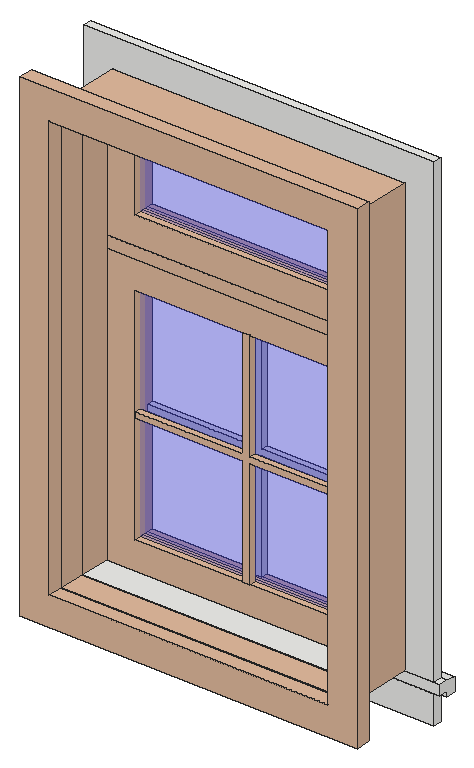
Revit family "M_Janela-batente-interior-exterior", category Janelas, Revit 2019
Family settings
  Hospedeiro = Parede
  Número OmniClass = 23.30.20.17.21.14
  Título OmniClass = Casement Windows
  Sempre na vertical = Sim
  Corte com vazios quando carregada = Não
  Compartilhado = Não
  Ponto de cálculo do ambiente = Não
Parameters (values of type "600 x 900mm")
  Janela aplicada [instance] = 0 mm
  Espessura da parede [instance] = 150 mm
  Visual Light Transmittance = 0.81
  Altura da travessa = 300 mm
  Resistência térmica (R) = 0.319569 (m²·K)/W
  Solar Heat Gain Coefficient = 0.76
  Largura bruta = Largura + 15 mm  # 615 mm
  Altura bruta = Altura + 15 mm  # 915 mm
  Altura da janela aberta = Altura - Altura da travessa  # 600 mm
  Visibilidade do montante = yes
  Padrão do montante = M_Padrão do montante_2x2 : M_Padrão do montante_2x2
  Fechamento da parede interior [instance] = 54.75 mm
  Visibilidade do recorte interior [instance] = yes
  Material da apara interior = Madeira – Manchada
  Recorte interior = M_Moldura-janela-interior-plana : Quadro
  Altura = 900 mm
  Material da moldura interior = Madeira – Manchada
  Coeficiente de transferência de calor (U) = 3.12929 W/(m²·K)
  Material do painel de vidro = Vidro
  Extensão do quadro [instance] = if(Visibilidade da apara externa, Janela aplicada + 6.35 mm, 6.35 mm)  # 6.35 mm
  Classificação de incêndio = "0.5h"
  Fechamento da parede externa [instance] = 31.75 mm
  Visibilidade da apara externa [instance] = yes
  Material da apara externa = Revestimento – Branco
  Apara externa = M_Recorte-Janela-Exterior-Plana : com peitoril
  Material da moldura exterior = Revestimento – Branco
  Visibilidade do umbral da extensão [instance] = and(Visibilidade do recorte interior, Espessura da parede - Janela aplicada > 95.25 mm)  # yes
  Umbral da extensão [instance] = if(Espessura da parede - Janela aplicada > 95.25 mm, Espessura da parede - Janela aplicada - 95.25 mm, 25.4 mm)  # 54.75 mm
  Altura-padrão do peitoril = 900 mm
  Fechamento da parede = Por hospedeiro
  Largura = 600 mm
  Código de montagem = "B2020100"
  Construção analítica = "Vidraça dupla – residencial"
Reference planes
  plane 1 "Centro (Frente/Trás)": y = 0
  plane 2: z = 0
  plane 3 "Centro (Esquerda/Direita)": x = 0
  plane 4 "Esquerda": x = -300
  plane 5 "Direita": x = 300
  plane 6 "Peitoril": z = 900
  plane 7 "Superior": z = 1800
  plane 8 "Inset Face": y = 75
  plane 9 "Fechamento da parede": y = -20.25
  plane 10 "Face do caixilho": y = 87.7
  plane 11 "Exterior": y = 75
  plane 12: x = 287.3
  plane 13: x = -287.3
  plane 14: z = 1787.3
  plane 15: z = 912.7
  plane 16: x = 230.15
  plane 17: x = -230.15
  plane 18: z = 1730.15
  plane 19: z = 969.85
  plane 20: y = 55.95
  plane 21 "Vidro": y = 65.475
  plane 22: y = 94.05
  plane 23: y = 94.05
  plane 24 "Interior": y = -75
  plane 25 "Umbral": y = -20.25
  plane 26: z = 1487.3
  plane 27 "Meio": z = 1200
  plane 28: z = 1512.7
  plane 29: z = 1350
  plane 30: z = 1430.15
  plane 31: y = -20.25
  plane 32: y = 43.25
  plane 33: z = 1500
  plane 34: y = 94.05
  plane 35: z = 1569.85
Forms (mm)
  Sweep 1, solid, material "Madeira – Manchada" <- "Material da moldura interior"
    path origin (0, 87.7, 0) x (-1, 0, 0) y (0, 0, 1)
      loop
        line (-300, 900) -> (300, 900) -> (300, 1800) -> (-300, 1800) -> (-300, 900)
    profile origin (300, 87.7, 1350) x (1, 0, 0) y (0, 1, 0)
      loop
        line (0, 6.35) -> (-12.7, 6.35) -> (-12.7, -107.95) -> (0, -107.95) -> (0, 6.35)
  Extrusion 2, solid, material "Madeira – Manchada" <- "Material da moldura interior", visible <- "Visibilidade do umbral da extensão"
    sketch origin (0, 0, 0) x (1, 0, 0) y (0, 0, 1)
      loop
        line (300, 1800) -> (-300, 1800) -> (-300, 900) -> (300, 900) -> (300, 1800)
      loop
        line (287.3, 912.7) -> (287.3, 1787.3) -> (-287.3, 1787.3) -> (-287.3, 912.7) -> (287.3, 912.7)
    from 20.25 to 75
  Sweep 3, solid, material "Madeira – Manchada" <- "Material da moldura interior"
    path origin (0, 87.7, 0) x (-1, 0, 0) y (0, 0, 1)
      loop
        line (-287.3, 1487.3) -> (-287.3, 912.7) -> (287.3, 912.7) -> (287.3, 1487.3) -> (-287.3, 1487.3)
    profile origin (287.3, 87.7, 1200) x (0, 1, 0) y (-1, 0, 0)
      loop
        line (0, 0) -> (0, 57.15) -> (-44.45, 57.15) -> (-44.45, 0) -> (0, 0)
  Extrusion 4, solid, material "Vidro" <- "Material do painel de vidro"
    sketch origin (0, 0, 900) x (0, -1, 0) y (1, 0, 0)
      loop
        line (-75, -230.15) -> (-68.65, -230.15) -> (-68.65, 230.15) -> (-75, 230.15) -> (-75, -230.15)
      loop
        line (-55.95, 230.15) -> (-62.3, 230.15) -> (-62.3, -230.15) -> (-55.95, -230.15) -> (-55.95, 230.15)
    from 69.85 to 530.15
  Extrusion 5, solid, material "Vidro" <- "Material do painel de vidro"
    sketch origin (0, 0, 900) x (0, -1, 0) y (1, 0, 0)
      loop
        line (-75, -230.15) -> (-68.65, -230.15) -> (-68.65, 230.15) -> (-75, 230.15) -> (-75, -230.15)
      loop
        line (-55.95, 230.15) -> (-62.3, 230.15) -> (-62.3, -230.15) -> (-55.95, -230.15) -> (-55.95, 230.15)
    from 669.85 to 830.15
  Extrusion 6, solid, material "Revestimento – Branco" <- "Material da moldura exterior"
    sketch origin (0, 0, 900) x (0, -1, 0) y (1, 0, 0)
      loop
        line (-94.05, -287.3) -> (-43.25, -287.3) -> (-43.25, 287.3) -> (-94.05, 287.3) -> (-94.05, -287.3)
    from 587.3 to 612.7
  Sweep 7, solid, material "Madeira – Manchada" <- "Material da moldura interior"
    path origin (-771.674, 87.7, 1219.2) x (-1, 0, 0) y (0, 0, 1)
      loop
        line (-1058.974, 293.5) -> (-484.374, 293.5) -> (-484.374, 568.1) -> (-1058.974, 568.1) -> (-1058.974, 293.5)
    profile origin (287.3, 87.7, 1650) x (1, 0, 0) y (0, 1, 0)
      loop
        line (0, 0) -> (-57.15, 0) -> (-57.15, -44.45) -> (0, -44.45) -> (0, 0)
Lines and regions (mm)
  Opening 1
    outline origin (-1524, -75, 0) x (1, 0, 0) y (0, 0, 1)
      loop
        line (1224, 1800) -> (1224, 900) -> (1824, 900) -> (1824, 1800) -> (1224, 1800)
  Split face 1
    outline origin (230.15, 87.7, 969.85) x (-1, 0, 0) y (0, -1, 0)
      loop
        line (460.3, 12.7) -> (0, 12.7)
  Split face 2
    outline origin (230.15, 87.7, 1430.15) x (0, 0, -1) y (0, -1, 0)
      loop
        line (0, 12.7) -> (460.3, 12.7)
  Split face 3
    outline origin (-230.15, 87.7, 969.85) x (0, 0, 1) y (0, -1, 0)
      loop
        line (460.3, 12.7) -> (0, 12.7)
  Split face 4
    outline origin (-230.15, 87.7, 1430.15) x (0, -1, 0) y (1, 0, 0)
      loop
        line (12.7, 0) -> (12.7, 460.3)
  Split face 5
    outline origin (0, 0, 1512.7) x (0, -1, 0) y (1, 0, 0)
      loop
        line (-55.95, 287.3) -> (-55.95, -287.3)
  Split face 6
    outline origin (0, 0, 1487.3) x (0, -1, 0) y (1, 0, 0)
      loop
        line (-87.7, -287.3) -> (-87.7, 287.3)
  Split face 7
    outline origin (287.3, -20.25, 912.7) x (0, 0, 1) y (0, 1, 0)
      loop
        line (874.6, 95.25) -> (600, 95.25) -> (600, 114.3) -> (574.6, 114.3) -> (574.6, 107.95) -> (0, 107.95)
  Split face 8
    outline origin (-287.3, -20.25, 1787.3) x (0, 0, -1) y (0, 1, 0)
      loop
        line (0, 95.25) -> (274.6, 95.25) -> (274.6, 114.3) -> (300, 114.3) -> (300, 95.25) -> (874.6, 95.25)
  Split face 9
    outline origin (-287.3, -20.25, 912.7) x (1, 0, 0) y (0, 1, 0)
      loop
        line (0, 63.5) -> (574.6, 63.5)
  Split face 10
    outline origin (287.3, -20.25, 1787.3) x (0, 1, 0) y (-1, 0, 0)
      loop
        line (63.5, 574.6) -> (63.5, 0)
  Split face 11
    outline origin (287.3, -20.25, 1787.3) x (0, 1, 0) y (-1, 0, 0)
      loop
        line (76.2, 574.6) -> (76.2, 0)
  Split face 12
    outline origin (-230.15, 43.25, 1730.15) x (0, 0, -1) y (0, 1, 0)
      loop
        line (160.3, 31.75) -> (0, 31.75)
  Split face 13
    outline origin (-230.15, 43.25, 1569.85) x (1, 0, 0) y (0, 1, 0)
      loop
        line (0, 31.75) -> (460.3, 31.75)
  Split face 14
    outline origin (230.15, 43.25, 1569.85) x (0, 0, 1) y (0, 1, 0)
      loop
        line (160.3, 31.75) -> (0, 31.75)
  Split face 15
    outline origin (230.15, 43.25, 1730.15) x (0, 1, 0) y (-1, 0, 0)
      loop
        line (31.75, 0) -> (31.75, 460.3)
  symbolic lines, style "Giro da elevação"
    curve 1: line (-287.3, 0, 1487.3) -> (287.3, 0, 1193.65)
    curve 2: line (287.3, 0, 1193.65) -> (-287.3, 0, 912.7)
Text (mm)
  text "EXTERIOR" at (-1490.695, 1293.036, 0), in view "Nível de referência"
  text "INTERIOR" at (-1490.695, -959.266, 0), in view "Nível de referência"
  text "Exterior" at (0, 1108.87, 3129.179), in view "Esquerda"
  text "Exterior" at (0, 464.664, 3176.206), in view "Direita"
Dimensions and locks
  equal spacing: plane 4 "Esquerda", plane 3 "Centro (Esquerda/Direita)", plane 5 "Direita"
  "Largura": plane 4 "Esquerda" to plane 5 "Direita"
  "Altura": plane 6 "Peitoril" to plane 7 "Superior"
  "Altura-padrão do peitoril": plane 2 to plane 6 "Peitoril"
  locked: plane 10 "Face do caixilho" to plane 8 "Inset Face" at 12.7
  "Espessura da parede": host wall to host wall
  "Janela aplicada": plane 11 "Exterior" to plane 8 "Inset Face"
  locked: Sweep 1 sketch curve to plane 5 "Direita" at 12.7
  locked: plane 12 to plane 5 "Direita" at 12.7
  locked: plane 4 "Esquerda" to plane 13 at 12.7
  locked: plane 14 to plane 7 "Superior" at 12.7
  locked: plane 6 "Peitoril" to plane 15 at 12.7
  locked: plane 16 to plane 12 at 57.15
  locked: plane 13 to plane 17 at 57.15
  locked: plane 18 to plane 14 at 57.15
  locked: plane 15 to plane 19 at 57.15
  plane 20 to Sweep 3 = 12.7 mm
  equal spacing: plane 8 "Inset Face", plane 21 "Vidro", plane 20
  locked: plane 8 "Inset Face" to plane 20 at 19.05
  locked: plane 22 to plane 11 "Exterior" at 19.05
  locked: plane 23 to plane 10 "Face do caixilho" at 6.35
  "Umbral da extensão": plane 25 "Umbral" to plane 24 "Interior"
  locked: plane 8 "Inset Face" to plane 9 "Fechamento da parede" at 95.25
  plane 26 to plane 28 = 25.4 mm
  equal spacing: plane 6 "Peitoril", plane 29, plane 7 "Superior"
  equal spacing: plane 19, plane 27 "Meio", plane 30
  locked: plane 30 to plane 26 at 57.15
  locked: Extrusion 6 sketch curve to plane 10 "Face do caixilho" at 6.35
  "Fechamento da parede interior": plane 31 to plane 24 "Interior"
  "Fechamento da parede externa": plane 11 "Exterior" to plane 32
  equal spacing: plane 26, plane 33, plane 28
  "Altura da travessa": plane 33 to plane 7 "Superior"
  "Extensão do quadro": plane 34 to plane 10 "Face do caixilho"
  locked: plane 10 "Face do caixilho" to Sweep 7 sketch curve at 44.45
  locked: plane 28 to plane 35 at 57.15
  aligned and locked: plane 7 "Superior" to Opening 1 sketch curve
  aligned and locked: plane 6 "Peitoril" to Opening 1 sketch curve  (x2)
  aligned and locked: plane 5 "Direita" to Opening 1 sketch curve
  aligned and locked: plane 4 "Esquerda" to Opening 1 sketch curve
  aligned and locked: level to plane 2
  aligned and locked: host wall to plane 11 "Exterior"
  aligned and locked: plane 5 "Direita" to Sweep 1 sketch curve
  aligned and locked: plane 7 "Superior" to Sweep 1 sketch curve
  aligned and locked: Sweep 1 sketch curve to plane 4 "Esquerda"
  aligned and locked: Sweep 1 sketch curve to plane 6 "Peitoril"
  aligned and locked: Extrusion 2 sketch curve to host wall  (x3)
  aligned and locked: plane 7 "Superior" to Extrusion 2 sketch curve
  aligned and locked: host wall to Extrusion 2
  aligned and locked: Sweep 3 sketch curve to plane 12  (x2)
  aligned and locked: Sweep 3 sketch curve to plane 15
  aligned and locked: plane 16 to Sweep 3 sketch curve
  aligned and locked: Split face 1 sketch curve to plane 8 "Inset Face"
  aligned and locked: plane 8 "Inset Face" to Split face 2 sketch curve
  aligned and locked: plane 8 "Inset Face" to Split face 3 sketch curve
  aligned and locked: Split face 4 sketch curve to plane 8 "Inset Face"
  aligned and locked: Extrusion 4 sketch curve to plane 8 "Inset Face"
  aligned and locked: plane 16 to Extrusion 4 sketch curve
  aligned and locked: Sweep 3 to Extrusion 4 sketch curve
  aligned and locked: Extrusion 4 sketch curve to plane 20
  aligned and locked: Extrusion 4 sketch curve to plane 16
  aligned and locked: Extrusion 4 sketch curve to Sweep 3
  aligned and locked: Extrusion 4 to plane 19
  aligned and locked: plane 21 "Vidro" to nested 1
  aligned and locked: plane 15 to curve 2
  aligned and locked: plane 24 "Interior" to host wall
  aligned and locked: plane 25 "Umbral" to Extrusion 2
  aligned and locked: plane 9 "Fechamento da parede" to Sweep 1
  aligned and locked: nested 2 to plane 4 "Esquerda"
  aligned and locked: plane 26 to Sweep 3 sketch curve
  aligned and locked: Extrusion 4 to Sweep 3
  aligned and locked: curve 1 to Sweep 3
  aligned and locked: plane 12 to curve 2
  aligned and locked: plane 30 to Sweep 3
  aligned and locked: Extrusion 4 to plane 30
  aligned and locked: plane 13 to Extrusion 6 sketch curve
  aligned and locked: plane 12 to Extrusion 6 sketch curve
  aligned and locked: plane 28 to Extrusion 6
  aligned and locked: Extrusion 6 to Sweep 3
  aligned and locked: plane 20 to Split face 5 sketch curve
  aligned and locked: plane 12 to Split face 5 sketch curve
  aligned and locked: plane 13 to Split face 5 sketch curve
  aligned and locked: Split face 6 sketch curve to plane 10 "Face do caixilho"
  aligned and locked: plane 12 to Split face 6 sketch curve
  aligned and locked: plane 13 to Split face 6 sketch curve
  aligned and locked: profile plane to Sweep 3 sketch curve
  aligned and locked: plane 13 to Sweep 3 sketch curve
  aligned and locked: Sweep 1 to curve 2
  aligned and locked: nested 1 to plane 19
  aligned and locked: plane 10 "Face do caixilho" to Split face 7 sketch curve
  aligned and locked: plane 8 "Inset Face" to Split face 7 sketch curve
  aligned and locked: plane 8 "Inset Face" to Split face 8 sketch curve  (x2)
  aligned and locked: plane 28 to Split face 8 sketch curve
  aligned and locked: plane 26 to Split face 8 sketch curve
  aligned and locked: Split face 9 sketch curve to Sweep 3
  aligned and locked: Split face 10 sketch curve to Sweep 3
  aligned and locked: Split face 11 sketch curve to plane 20
  aligned and locked: Split face 7 sketch curve to plane 26
  aligned and locked: plane 28 to Split face 7 sketch curve
  aligned and locked: Extrusion 5 sketch curve to plane 8 "Inset Face"
  aligned and locked: Extrusion 5 sketch curve to Extrusion 4  (x2)
  aligned and locked: plane 23 to Split face 7 sketch curve
  aligned and locked: plane 23 to Split face 8 sketch curve
  aligned and locked: plane 12 to Extrusion 2 sketch curve
  aligned and locked: Extrusion 2 sketch curve to plane 14
  aligned and locked: Extrusion 2 sketch curve to plane 13
  aligned and locked: plane 15 to Extrusion 2 sketch curve
  aligned and locked: plane 6 "Peitoril" to nested 2
  aligned and locked: nested 3 to plane 11 "Exterior"
  aligned and locked: nested 3 to plane 7 "Superior"
  aligned and locked: plane 11 "Exterior" to nested 2
  aligned and locked: plane 30 to nested 1
  aligned and locked: nested 1 to plane 16
  aligned and locked: nested 1 to plane 17
  aligned and locked: plane 7 "Superior" to nested 5
  aligned and locked: plane 3 "Centro (Esquerda/Direita)" to nested 5
  aligned and locked: plane 7 "Superior" to nested 4
  aligned and locked: nested 4 to plane 3 "Centro (Esquerda/Direita)"
  aligned and locked: plane 34 to Sweep 1 sketch curve
  aligned and locked: Sweep 1 to Sweep 7 sketch curve
  aligned and locked: Sweep 7 sketch curve to plane 14
  aligned and locked: plane 10 "Face do caixilho" to Sweep 7 sketch curve
  aligned and locked: Sweep 7 sketch curve to plane 12
  aligned and locked: plane 16 to Sweep 7 sketch curve
  aligned and locked: Extrusion 5 sketch curve to plane 17  (x2)
  aligned and locked: plane 16 to Extrusion 5 sketch curve  (x2)
  aligned and locked: Sweep 7 sketch curve to plane 13
  aligned and locked: plane 28 to Sweep 7 sketch curve
  aligned and locked: plane 18 to Extrusion 5
  aligned and locked: Extrusion 5 to plane 35
  aligned and locked: plane 8 "Inset Face" to Split face 12 sketch curve
  aligned and locked: Split face 13 sketch curve to plane 8 "Inset Face"
  aligned and locked: Split face 14 sketch curve to plane 8 "Inset Face"
  aligned and locked: plane 8 "Inset Face" to Split face 15 sketch curve
Automatic sketch dimensions
  Sweep 1 sketch curve to profile plane = 0 mm
  Sweep 3 sketch curve to plane 10 "Face do caixilho" = 44.45 mm
  Split face 1 sketch curve to Sweep 3 = 0 mm  (x2)
  Sweep 3 to Split face 2 sketch curve = 0 mm
  Split face 2 sketch curve to Sweep 3 = 0 mm
  Split face 3 sketch curve to Sweep 3 = 0 mm
  Sweep 3 to Split face 3 sketch curve = 0 mm
  Split face 4 sketch curve to Sweep 3 = 0 mm  (x2)
  plane 21 "Vidro" to Extrusion 4 sketch curve = 3.175 mm
  Extrusion 4 sketch curve to plane 21 "Vidro" = 3.175 mm
  curve 1 to plane 26 = 0 mm
  curve 2 to plane 27 "Meio" = 6.35 mm
  Sweep 1 sketch curve to plane 10 "Face do caixilho" = 107.95 mm
  Extrusion 6 sketch curve to plane 20 = 12.7 mm
  Split face 7 sketch curve to Sweep 1 = 0 mm
  Sweep 1 to Split face 7 sketch curve = 0 mm
  Sweep 1 to Split face 8 sketch curve = 0 mm
  Split face 8 sketch curve to Sweep 1 = 0 mm
  Split face 9 sketch curve to Sweep 1 = 0 mm  (x2)
  Split face 10 sketch curve to Sweep 1 = 0 mm  (x2)
  Split face 11 sketch curve to Sweep 1 = 0 mm  (x2)
  Extrusion 5 sketch curve to plane 20 = 0 mm
  Sweep 7 to Split face 12 sketch curve = 0 mm
  Split face 12 sketch curve to Sweep 7 = 0 mm
  Split face 13 sketch curve to Sweep 7 = 0 mm  (x2)
  Split face 14 sketch curve to Sweep 7 = 0 mm
  Sweep 7 to Split face 14 sketch curve = 0 mm
  Split face 15 sketch curve to Sweep 7 = 0 mm  (x2)
Nested families
  nested 1: "M_Padrão do montante_2x2" at (0, 65.475, 969.85) x (-1, 0, 0) z (0, 0, 1), type <- "Padrão do montante", Material externo <- "Material da moldura exterior", Material interior <- "Material da moldura interior", visible <- "Visibilidade do montante", type "M_Padrão do montante_2x2"
    with Largura 460.3 mm, Material interior Madeira – Manchada, Altura 460.3 mm, Material externo Revestimento – Branco
  nested 2: "M_Plano-batente-interior-exterior" at (0, 75, 900) x (-1, 0, 0) z (0, 0, 1), Largura <- "Largura", Janela aplicada <- "Janela aplicada", Altura <- "Altura da janela aberta", Espessura da parede <- "Espessura da parede", type "M_Plano-batente-interior-exterior"
    with Janela aplicada de 3D 0 mm, Janela aplicada 0 mm, Largura 600 mm, Espessura da parede 150 mm, Linha superior no, Linha à direita yes, RH yes, Linha à esquerda yes, LH yes, Altura 600 mm, Linha inferior yes
  nested 3: "M_Plana-fixa_simples" at (0, 75, 1500), Janela aplicada <- "Janela aplicada", Largura <- "Largura", Altura <- "Altura da travessa", Espessura da parede <- "Espessura da parede", type "M_Plana-fixa_simples"
    with Janela aplicada de 3D 0 mm, Janela aplicada 0 mm, Largura 600 mm, Espessura da parede 150 mm, Linha superior yes, Linha à direita yes, Linha à esquerda yes, Altura 300 mm, Linha inferior no
  nested 4: "M_Recorte-Janela-Exterior-Plana" at (0, 75, 1800) x (-1, 0, 0) z (0, 1, 0), visible <- "Visibilidade da apara externa", Material da apara <- "Material da apara externa", Largura da abertura <- "Largura", Altura da abertura <- "Altura", type <- "Apara externa", type "com peitoril"
    with Material da apara Revestimento – Branco, Largura da abertura 600 mm, Altura da abertura 900 mm
  nested 5: "M_Moldura-janela-interior-plana" at (0, -75, 1800) x (1, 0, 0) z (0, -1, 0), visible <- "Visibilidade do recorte interior", Material da apara <- "Material da apara interior", Largura da abertura <- "Largura", Altura da abertura <- "Altura", type <- "Recorte interior", type "Quadro"
    with Material da apara Madeira – Manchada, Largura da abertura 600 mm, Altura da abertura 900 mm
Definition of nested family "M_Padrão do montante_2x2"
  Parameters (values of type "M_Padrão do montante_2x2")
    Largura [instance] = 1200 mm
    Espessura = 12.7 mm
    Altura [instance] = 1200 mm
    Material interior [instance] = none
    Material externo [instance] = none
    Distância = 19.05 mm
  Reference planes
    plane 1 "Centro (Frente/Trás)": y = 0
    plane 2: z = 0
    plane 3 "Centro (Esquerda/Direita)": x = 0
    plane 4: z = 1200
    plane 5: x = -600
    plane 6: x = 600
    plane 7: z = 600
    plane 8: y = 9.525
    plane 9: y = 22.225
    plane 10: y = -9.525
    plane 11: y = -22.225
  Forms (mm)
    Extrusion 1, solid, material <- "Material interior", detail levels fine
      sketch origin (0, 0, 0) x (1, 0, 0) y (0, 0, 1)
        loop
          line (-600, 606.35) -> (-600, 593.65) -> (-6.35, 593.65) -> (-6.35, 0) -> (6.35, 0) -> (6.35, 593.65) -> (600, 593.65) -> (600, 606.35) -> (6.35, 606.35) -> (6.35, 1200) -> (-6.35, 1200) -> (-6.35, 606.35) -> (-600, 606.35)
      from 9.525 to 22.225
    Extrusion 2, solid, material <- "Material externo", detail levels fine
      sketch origin (0, 0, 0) x (1, 0, 0) y (0, 0, -1)
        loop
          line (-600, -606.35) -> (-6.35, -606.35) -> (-6.35, -1200) -> (6.35, -1200) -> (6.35, -606.35) -> (600, -606.35) -> (600, -593.65) -> (6.35, -593.65) -> (6.35, 0) -> (-6.35, 0) -> (-6.35, -593.65) -> (-600, -593.65) -> (-600, -606.35)
      from 9.525 to 22.225
  Lines and regions (mm)
    model lines, detail levels medium
      curve 1: line (0, 9.525, 1200) -> (0, 9.525, 0)
      curve 2: line (-600, -9.525, 600) -> (600, -9.525, 600)
      curve 3: line (-600, 9.525, 600) -> (600, 9.525, 600)
      curve 4: line (0, -9.525, 1200) -> (0, -9.525, 0)
  Dimensions and locks
    equal spacing: plane 6, plane 3 "Centro (Esquerda/Direita)", plane 5
    "Largura": plane 6 to plane 5
    "Altura": plane 4 to plane 2
    equal spacing: plane 4, plane 7, plane 2
    locked: plane 3 "Centro (Esquerda/Direita)" to Extrusion 1 sketch curve at 6.35  (x4)
    locked: Extrusion 1 sketch curve to plane 7 at 6.35  (x2)
    locked: plane 7 to Extrusion 1 sketch curve at 6.35  (x2)
    "Espessura": plane 9 to plane 8
    "Espessura": plane 10 to plane 11
    "Distância": plane 8 to plane 10
    equal spacing: plane 8, plane 1 "Centro (Frente/Trás)", plane 10
    aligned and locked: plane 2 to level
    aligned and locked: plane 4 to curve 1
    aligned and locked: plane 5 to curve 2
    aligned and locked: plane 2 to curve 1
    aligned and locked: plane 6 to curve 2
    aligned and locked: Extrusion 1 sketch curve to plane 4
    aligned and locked: Extrusion 1 sketch curve to plane 6
    aligned and locked: Extrusion 1 sketch curve to plane 5
    aligned and locked: Extrusion 1 sketch curve to level
    aligned and locked: Extrusion 1 to plane 11
    aligned and locked: plane 10 to Extrusion 1
    aligned and locked: Extrusion 2 to plane 5
    aligned and locked: plane 6 to Extrusion 2
    aligned and locked: Extrusion 2 to plane 8
    aligned and locked: plane 9 to Extrusion 2
    aligned and locked: Extrusion 2 to plane 2
    aligned and locked: plane 4 to Extrusion 2
    aligned and locked: plane 5 to curve 3
    aligned and locked: plane 6 to curve 3
    aligned and locked: plane 4 to curve 4
    aligned and locked: plane 2 to curve 4
    aligned and locked: plane 8 to curve 3
  Automatic sketch dimensions
    curve 2 to plane 7 = 0 mm
    Extrusion 2 sketch curve to plane 5 = 0 mm
    Extrusion 2 sketch curve to level = 0 mm
    Extrusion 2 sketch curve to plane 4 = 0 mm
    Extrusion 2 sketch curve to plane 6 = 0 mm
    Extrusion 2 sketch curve to plane 3 "Centro (Esquerda/Direita)" = 6.35 mm  (x2)
    plane 3 "Centro (Esquerda/Direita)" to Extrusion 2 sketch curve = 6.35 mm  (x2)
    plane 7 to Extrusion 2 sketch curve = 6.35 mm  (x2)
    Extrusion 2 sketch curve to plane 7 = 6.35 mm  (x2)
    curve 4 to plane 3 "Centro (Esquerda/Direita)" = 0 mm
    curve 4 to level = 0 mm
    curve 4 to plane 4 = 0 mm
    curve 3 to plane 6 = 0 mm
    curve 1 to plane 3 "Centro (Esquerda/Direita)" = 0 mm
    curve 3 to plane 5 = 0 mm
    curve 3 to plane 7 = 0 mm
Definition of nested family "M_Recorte-Janela-Exterior-Plana"
  Parameters (values of type "com peitoril")
    Largura da apara = 60 mm
    Espessura da apara_Quadro = 30 mm
    Espessura da apara_com peitoril = 19.05 mm
    Material da apara [instance] = none
    Espessura do peitoril = 30 mm
    Peitoril = yes
    Quadro = no
    Largura da abertura [instance] = 600 mm
    Altura da abertura [instance] = 900 mm
    Default Elevation = 1200 mm
  Types (2, lengths in mm): name | Peitoril | Quadro
    com peitoril | yes | no
    Quadro | no | yes
  Reference planes
    plane 1 "Centro (Frente/Trás)": y = 0
    plane 2: z = 0
    plane 3 "Centro (Esquerda/Direita)": x = 0
    plane 4: y = 60
    plane 5 "Esquerda": x = -300
    plane 6 "Direita": x = 300
    plane 7 "Inferior": y = -900
    plane 8: y = -930
    plane 9: y = -980.432
    plane 10: x = 360
    plane 11: x = -360
    plane 12: z = 19.05
    plane 13: z = 30
    plane 14: x = 372.7
    plane 15: x = -372.7
    plane 16: y = -920.432
    plane 17: y = -960
    plane 18: z = 12.7
    plane 19: y = -450
    plane 20: z = 38.1
  Forms (mm)
    Extrusion 1, solid
      sketch origin (0, 0, 0) x (1, 0, 0) y (0, 1, 0)
        loop
          line (-361.95, 57.15) -> (-361.95, -993.732) -> (361.95, -993.732) -> (361.95, 57.15) -> (-361.95, 57.15)
      from 0 to -304.8
    Extrusion 2, solid, material <- "Material da apara", visible <- "Peitoril"
      sketch origin (0, 0, 0) x (1, 0, 0) y (0, 1, 0)
        loop
          line (-360, -900) -> (-300, -900) -> (-300, 0) -> (300, 0) -> (300, -900) -> (360, -900) -> (360, 60) -> (-360, 60) -> (-360, -900)
      from 0 to 19.05
    Extrusion 3, solid, material <- "Material da apara", visible <- "Peitoril"
      sketch origin (0, 0, 0) x (0, 1, 0) y (0, 0, 1)
        loop
          line (-902.458, 38.1) -> (-930, 38.1) -> (-930, 19.05) -> (-920.432, 19.05) -> (-920.432, 0) -> (-900, 0) -> (-900, 19.05) -> (-902.458, 38.1)
      from -372.7 to 372.7
    Extrusion 4, solid, material <- "Material da apara", visible <- "Peitoril"
      sketch origin (0, 0, 0) x (1, 0, 0) y (0, 1, 0)
        loop
          line (-360, -920.432) -> (-360, -980.432) -> (360, -980.432) -> (360, -920.432) -> (-360, -920.432)
      from 0 to 19.05
    Extrusion 5, solid, material <- "Material da apara", visible <- "Quadro"
      sketch origin (0, 0, 0) x (1, 0, 0) y (0, 1, 0)
        loop
          line (-300, 0) -> (-300, -900) -> (300, -900) -> (300, 0) -> (-300, 0)
        loop
          line (-360, 60) -> (-360, -960) -> (360, -960) -> (360, 60) -> (-360, 60)
      from 0 to 30
  Dimensions and locks
    equal spacing: plane 5 "Esquerda", plane 3 "Centro (Esquerda/Direita)", plane 6 "Direita"
    "Largura da abertura": plane 5 "Esquerda" to plane 6 "Direita"
    "Altura da abertura": plane 7 "Inferior" to plane 1 "Centro (Frente/Trás)"
    "Espessura do peitoril": plane 7 "Inferior" to plane 8
    "Largura da apara": plane 11 to plane 5 "Esquerda"
    "Largura da apara": plane 6 "Direita" to plane 10
    "Largura da apara": plane 1 "Centro (Frente/Trás)" to plane 4
    locked: plane 15 to plane 11 at 12.7
    locked: plane 10 to plane 14 at 12.7
    locked: plane 16 to plane 8 at 9.568
    "Largura da apara": plane 9 to plane 16
    "Largura da apara": plane 17 to plane 7 "Inferior"
    locked: plane 18 to plane 2 at 12.7
    equal spacing: plane 7 "Inferior", plane 19, plane 1 "Centro (Frente/Trás)"
    locked: plane 20 to plane 12 at 19.05
    "Espessura da apara_com peitoril": plane 12 to plane 2
    "Espessura da apara_Quadro": plane 13 to plane 2
    aligned and locked: plane 2 to Extrusion 1
    aligned and locked: level to Extrusion 1
    aligned and locked: Extrusion 2 sketch curve to plane 5 "Esquerda"
    aligned and locked: Extrusion 2 sketch curve to plane 11
    aligned and locked: plane 7 "Inferior" to Extrusion 2 sketch curve  (x2)
    aligned and locked: plane 1 "Centro (Frente/Trás)" to Extrusion 2 sketch curve
    aligned and locked: plane 10 to Extrusion 2 sketch curve
    aligned and locked: Extrusion 2 sketch curve to plane 6 "Direita"
    aligned and locked: plane 12 to Extrusion 2
    aligned and locked: Extrusion 3 sketch curve to level
    aligned and locked: plane 7 "Inferior" to Extrusion 3 sketch curve
    aligned and locked: Extrusion 3 sketch curve to plane 8
    aligned and locked: plane 15 to Extrusion 3
    aligned and locked: Extrusion 3 to plane 14
    aligned and locked: plane 10 to Extrusion 4 sketch curve
    aligned and locked: Extrusion 4 sketch curve to plane 11
    aligned and locked: plane 16 to Extrusion 4 sketch curve
    aligned and locked: plane 9 to Extrusion 4 sketch curve
    aligned and locked: Extrusion 4 to Extrusion 2
    aligned and locked: Extrusion 2 sketch curve to plane 4
    aligned and locked: plane 1 "Centro (Frente/Trás)" to Extrusion 5 sketch curve
    aligned and locked: Extrusion 5 sketch curve to plane 4
    aligned and locked: Extrusion 5 sketch curve to plane 17
    aligned and locked: plane 7 "Inferior" to Extrusion 5 sketch curve
    aligned and locked: Extrusion 5 sketch curve to plane 6 "Direita"
    aligned and locked: plane 10 to Extrusion 5 sketch curve
    aligned and locked: Extrusion 5 sketch curve to plane 5 "Esquerda"
    aligned and locked: Extrusion 5 sketch curve to plane 11
    aligned and locked: plane 13 to Extrusion 5
    aligned and locked: plane 20 to Extrusion 3
  Automatic sketch dimensions
    Extrusion 1 sketch curve to Extrusion 1 sketch curve = 723.9 mm
    Extrusion 1 sketch curve to Extrusion 1 sketch curve = 1050.882 mm
    Extrusion 3 sketch curve to plane 16 = 0 mm
    Extrusion 3 sketch curve to plane 12 = 0 mm  (x2)
    Extrusion 3 sketch curve to plane 7 "Inferior" = 2.458 mm
    plane 13 to Extrusion 3 sketch curve = 8.1 mm
Definition of nested family "M_Moldura-janela-interior-plana"
  Parameters (values of type "com peitoril")
    Espessura da apara_Quadro = 30 mm
    Largura da apara = 60 mm
    Espessura da apara_com peitoril = 20 mm
    Material da apara [instance] = none
    Espessura do peitoril = 30 mm
    Peitoril = yes
    Quadro = no
    Largura da abertura [instance] = 600 mm
    Altura da abertura [instance] = 900 mm
    Default Elevation = 1200 mm
  Types (2, lengths in mm): name | Peitoril | Quadro
    com peitoril | yes | no
    Quadro | no | yes
  Reference planes
    plane 1 "Centro (Frente/Trás)": y = 0
    plane 2: z = 0
    plane 3 "Centro (Esquerda/Direita)": x = 0
    plane 4: y = 47.3
    plane 5 "Esquerda": x = -300
    plane 6 "Direita": x = 300
    plane 7 "Inferior": y = -900
    plane 8: y = -930
    plane 9: y = -980.432
    plane 10: x = 347.3
    plane 11: x = -347.3
    plane 12: z = 20
    plane 13: z = 30
    plane 14: x = 360
    plane 15: x = -360
    plane 16: y = -920.432
    plane 17: y = -947.3
    plane 18: z = 12.7
    plane 19: x = -287.3
    plane 20: y = -12.7
    plane 21: x = 287.3
    plane 22: y = -887.3
    plane 23: x = -334.6
    plane 24: x = 334.6
    plane 25: y = -450
  Forms (mm)
    Extrusion 1, solid
      sketch origin (0, 0, 0) x (1, 0, 0) y (0, 1, 0)
        loop
          line (-349.25, 44.45) -> (-349.25, -958.85) -> (349.25, -958.85) -> (349.25, 44.45) -> (-349.25, 44.45)
      from 0 to -304.8
    Extrusion 2, solid, material <- "Material da apara", visible <- "Peitoril"
      sketch origin (0, 0, 0) x (1, 0, 0) y (0, 1, 0)
        loop
          line (-334.6, -900) -> (-287.3, -900) -> (-287.3, 0) -> (287.3, 0) -> (287.3, -900) -> (334.6, -900) -> (334.6, 47.3) -> (-334.6, 47.3) -> (-334.6, -900)
      from 0 to 20
    Extrusion 3, solid, material <- "Material da apara", visible <- "Peitoril"
      sketch origin (0, 0, 0) x (0, 1, 0) y (0, 0, 1)
        loop
          line (-912.7, 39.05) -> (-920.432, 39.05) -> (-920.432, 0) -> (-900, 0) -> (-900, 26.35)
          arc (-900, 26.35) -> (-903.72, 35.33) -> (-912.7, 39.05) r 12.7
      from -347.3 to 347.3
    Extrusion 4, solid, material <- "Material da apara", visible <- "Peitoril"
      sketch origin (0, 0, 0) x (1, 0, 0) y (0, 1, 0)
        loop
          line (-334.6, -920.432) -> (-334.6, -980.432) -> (334.6, -980.432) -> (334.6, -920.432) -> (-334.6, -920.432)
      from 0 to 20
    Extrusion 5, solid, material <- "Material da apara", visible <- "Quadro"
      sketch origin (0, 0, 0) x (1, 0, 0) y (0, 1, 0)
        loop
          line (-287.3, -12.7) -> (-287.3, -887.3) -> (287.3, -887.3) -> (287.3, -12.7) -> (-287.3, -12.7)
        loop
          line (-347.3, 47.3) -> (-347.3, -947.3) -> (347.3, -947.3) -> (347.3, 47.3) -> (-347.3, 47.3)
      from 0 to 30
  Dimensions and locks
    equal spacing: plane 5 "Esquerda", plane 3 "Centro (Esquerda/Direita)", plane 6 "Direita"
    "Largura da abertura": plane 5 "Esquerda" to plane 6 "Direita"
    "Altura da abertura": plane 7 "Inferior" to plane 1 "Centro (Frente/Trás)"
    "Espessura do peitoril": plane 7 "Inferior" to plane 8
    "Largura da apara": plane 11 to plane 19
    "Largura da apara": plane 21 to plane 10
    "Largura da apara": plane 20 to plane 4
    "Espessura da apara_com peitoril": plane 12 to plane 2
    locked: plane 15 to plane 11 at 12.7
    locked: plane 10 to plane 14 at 12.7
    locked: plane 16 to plane 8 at 9.568
    "Largura da apara": plane 9 to plane 16
    "Largura da apara": plane 17 to plane 22
    plane 20 to plane 1 "Centro (Frente/Trás)" = 12.7 mm
    plane 5 "Esquerda" to plane 19 = 12.7 mm
    plane 21 to plane 6 "Direita" = 12.7 mm
    plane 22 to plane 7 "Inferior" = 12.7 mm
    locked: plane 11 to plane 23 at 12.7
    locked: plane 24 to plane 10 at 12.7
    equal spacing: plane 7 "Inferior", plane 25, plane 1 "Centro (Frente/Trás)"
    "Espessura da apara_Quadro": plane 13 to plane 2
    locked: Extrusion 3 to plane 12 at 19.05
    locked: plane 12 to Extrusion 3 sketch curve at 19.05
    radius of Extrusion 3 sketch curve = 12.7 mm
    aligned and locked: plane 2 to Extrusion 1
    aligned and locked: level to Extrusion 1
    aligned and locked: plane 7 "Inferior" to Extrusion 2 sketch curve  (x2)
    aligned and locked: plane 1 "Centro (Frente/Trás)" to Extrusion 2 sketch curve
    aligned and locked: plane 12 to Extrusion 2
    aligned and locked: Extrusion 3 sketch curve to level
    aligned and locked: plane 7 "Inferior" to Extrusion 3 sketch curve
    aligned and locked: plane 16 to Extrusion 4 sketch curve
    aligned and locked: plane 9 to Extrusion 4 sketch curve
    aligned and locked: Extrusion 2 sketch curve to plane 4
    aligned and locked: Extrusion 5 sketch curve to plane 4
    aligned and locked: Extrusion 5 sketch curve to plane 17
    aligned and locked: plane 10 to Extrusion 5 sketch curve
    aligned and locked: Extrusion 5 sketch curve to plane 11
    aligned and locked: plane 13 to Extrusion 5
    aligned and locked: Extrusion 5 sketch curve to plane 20
    aligned and locked: Extrusion 5 sketch curve to plane 19
    aligned and locked: Extrusion 5 sketch curve to plane 21
    aligned and locked: plane 22 to Extrusion 5 sketch curve
    aligned and locked: Extrusion 4 to plane 24
    aligned and locked: plane 11 to Extrusion 3
    aligned and locked: Extrusion 3 to plane 10
    aligned and locked: Extrusion 2 sketch curve to plane 21
    aligned and locked: Extrusion 2 sketch curve to plane 24
    aligned and locked: Extrusion 2 sketch curve to plane 19
    aligned and locked: Extrusion 2 sketch curve to plane 23
    aligned and locked: plane 12 to Extrusion 4
  Automatic sketch dimensions
    Extrusion 1 sketch curve to Extrusion 1 sketch curve = 698.5 mm
    Extrusion 1 sketch curve to Extrusion 1 sketch curve = 1003.3 mm
    Extrusion 3 sketch curve to plane 16 = 0 mm
    Extrusion 4 sketch curve to plane 11 = 12.7 mm
    Extrusion 4 sketch curve to plane 24 = 0 mm
Definition of nested family "M_Plano-batente-interior-exterior"
  Parameters (values of type "M_Plano-batente-interior-exterior")
    Janela aplicada [instance] = 25 mm
    Janela aplicada de 3D [instance] = if(Janela aplicada - 12.7 mm < 0 mm, 0 mm, if(Janela aplicada - 12.7 mm < Espessura da parede - 88.9 mm, Janela aplicada - 12.7 mm, Espessura da parede - 88.9 mm))  # 12.3 mm
    Width [instance] = 1200 mm
    Espessura da parede [instance] = 150 mm
    Linha superior [instance] = yes
    Linha à direita [instance] = yes
    RH [instance] = yes
    Linha à esquerda [instance] = yes
    LH [instance] = yes
    Height [instance] = 900 mm
    Default Elevation = 1200 mm
    Linha inferior [instance] = yes
    Analytic Construction = "<Nenhum>"
  Reference planes
    plane 1 "Centro (Frente/Trás)": y = 0
    plane 2: z = 0
    plane 3 "Centro (Esquerda/Direita)": x = 0
    plane 4: x = -600
    plane 5: x = 600
    plane 6 "Umbral": y = -101.2
    plane 7: x = -587.3
    plane 8: x = -568.25
    plane 9: y = -12.3
    plane 10: y = -56.75
    plane 11: y = -34.525
    plane 12: x = -530.15
    plane 13: x = 587.3
    plane 14: x = 568.25
    plane 15: x = 530.15
    plane 16 "Janela aplicada": y = -25
    plane 17 "Parede": y = -150
    plane 18: z = 900
    plane 19: z = 887.3
    plane 20: z = 12.7
    plane 21: z = 868.25
    plane 22: z = 31.75
    plane 23: z = 830.15
    plane 24: z = 69.85
  Lines and regions (mm)
    Masking region 1
      outline origin (0, 19.05, 0) x (1, 0, 0) y (0, 1, 0)
        loop
          line (-600, -19.05) -> (-600, -169.05) -> (600, -169.05) -> (600, -19.05) -> (-600, -19.05)
    Masking region 2
      outline origin (0, 0, 0) x (0, 1, 0) y (0, 0, 1)
        loop
          line (0, 900) -> (-150, 900) -> (-150, 0) -> (0, 0) -> (0, 900)
    symbolic lines
      curve 1: line (-587.3, -56.75, 0) -> (-568.25, -56.75, 0)
      curve 2: line (-568.25, -56.75, 0) -> (-568.25, -101.2, 0)
      curve 3: line (-587.3, -12.3, 0) -> (-587.3, -56.75, 0)
      curve 4: line (-530.15, -12.3, 0) -> (-530.15, -56.75, 0)
      curve 5: line (-530.15, -56.75, 0) -> (-568.25, -56.75, 0)
      curve 6: line (-530.15, -34.525, 0) -> (530.15, -34.525, 0)
      curve 7: line (587.3, -56.75, 0) -> (568.25, -56.75, 0)
      curve 8: line (568.25, -56.75, 0) -> (568.25, -101.2, 0)
      curve 9: line (587.3, -12.3, 0) -> (587.3, -56.75, 0)
      curve 10: line (530.15, -12.3, 0) -> (530.15, -56.75, 0)
      curve 11: line (530.15, -56.75, 0) -> (568.25, -56.75, 0)
      curve 14: line (-600, -101.2, 0) -> (-568.25, -101.2, 0)
      curve 15: line (568.25, -101.2, 0) -> (600, -101.2, 0)
      curve 16: line (568.25, -101.2, 0) -> (-568.25, -101.2, 0)
      curve 17: line (0, -12.3, 887.3) -> (0, -56.75, 887.3)
      curve 18: line (0, -56.75, 868.25) -> (0, -101.2, 868.25)
      curve 19: line (0, -12.3, 12.7) -> (0, -56.75, 12.7)
      curve 20: line (0, -56.75, 12.7) -> (0, -56.75, 69.85)
      curve 21: line (0, -56.75, 31.75) -> (0, -101.2, 31.75)
      curve 22: line (0, -12.3, 900) -> (0, -12.3, 830.15)
      curve 23: line (0, -12.3, 830.15) -> (0, -56.75, 830.15)
      curve 24: line (0, -56.75, 69.85) -> (0, -12.3, 69.85)
      curve 25: line (0, -34.525, 69.85) -> (0, -34.525, 830.15)
      curve 28: line (0, -56.75, 887.3) -> (0, -56.75, 830.15)
      curve 29: line (530.15, -12.3, 0) -> (600, -12.3, 0)
      curve 30: line (-530.15, -12.3, 0) -> (-600, -12.3, 0)
      curve 31: line (0, -12.3, 69.85) -> (0, -12.3, 0)
      curve 36: line (-530.15, -12.3, 0) -> (530.15, -12.3, 0)
      curve 37: line (0, -12.3, 830.15) -> (0, -12.3, 69.85)
      curve 42: line (0, -101.2, 900) -> (0, -101.2, 868.25)
      curve 43: line (0, -101.2, 868.25) -> (0, -101.2, 31.75)
      curve 44: line (0, -101.2, 31.75) -> (0, -101.2, 0)
    symbolic lines, visible <- "RH"
      curve 12: arc (-587.3, -12.3, 0) -> (-497.889, 437.2, 0) -> (-243.268, 818.268, 0) r 1174.6
      curve 26: line (587.3, -12.3, 0) -> (-243.268, 818.268, 0)
      curve 34: line (587.3, -56.75, 0) -> (-243.268, -887.318, 0)
      curve 35: arc (-587.3, -56.75, 0) -> (-497.889, -506.25, 0) -> (-243.268, -887.318, 0) r 1174.6
    symbolic lines, visible <- "LH"
      curve 13: line (-587.3, -12.3, 0) -> (243.268, 818.268, 0)
      curve 27: arc (587.3, -12.3, 0) -> (497.889, 437.2, 0) -> (243.268, 818.268, 0) r 1174.6
      curve 32: line (-587.3, -56.75, 0) -> (243.268, -887.318, 0)
      curve 33: arc (587.3, -56.75, 0) -> (497.889, -506.25, 0) -> (243.268, -887.318, 0) r 1174.6
    symbolic lines, visible <- "Linha à direita"
      curve 38: line (600, 0, 0) -> (600, -150, 0)
    symbolic lines, visible <- "Linha à esquerda"
      curve 39: line (-600, 0, 0) -> (-600, -150, 0)
    symbolic lines, visible <- "Linha inferior"
      curve 40: line (0, 0, 0) -> (0, -150, 0)
    symbolic lines, visible <- "Linha superior"
      curve 41: line (0, 0, 900) -> (0, -150, 900)
  Dimensions and locks
    "Width": plane 4 to plane 5
    equal spacing: plane 4, plane 3 "Centro (Esquerda/Direita)", plane 5
    plane 4 to plane 7 to plane 8 = 12.7 mm locked, 19.05 mm locked
    equal spacing: plane 9, plane 11, plane 10
    locked: plane 7 to plane 12 at 57.15
    plane 5 to plane 13 to plane 14 = 12.7 mm locked, 19.05 mm locked
    locked: plane 13 to plane 15 at 57.15
    locked: plane 9 to plane 16 "Janela aplicada" at 12.7
    locked: plane 9 to plane 10 at 44.45
    "Espessura da parede": plane 17 "Parede" to plane 1 "Centro (Frente/Trás)"
    "Height": plane 18 to plane 2
    locked: plane 18 to plane 19 at 12.7
    locked: plane 20 to plane 2 at 12.7
    locked: plane 19 to plane 21 at 19.05
    locked: plane 22 to plane 20 at 19.05
    locked: plane 19 to plane 23 at 57.15
    locked: plane 24 to plane 20 at 57.15
    locked: plane 10 to plane 6 "Umbral" at 44.45
    "Janela aplicada de 3D": plane 9 to plane 1 "Centro (Frente/Trás)"
    locked: plane 9 to curve 13 (angle 45.00°)
    locked: curve 26 to plane 16 "Janela aplicada" (angle 45.00°)
    locked: curve 32 to plane 10 (angle 45.00°)
    locked: plane 10 to curve 34 (angle 45.00°)
    aligned and locked: plane 2 to level
    aligned and locked: curve 2 to plane 8
    aligned and locked: plane 14 to curve 8
    aligned and locked: curve 14 to plane 6 "Umbral"
    aligned and locked: curve 15 to plane 6 "Umbral"
    aligned and locked: plane 21 to curve 18
    aligned and locked: plane 19 to curve 17
    aligned and locked: plane 22 to curve 21
    aligned and locked: plane 10 to curve 20  (x2)
    aligned and locked: plane 20 to curve 19
    aligned and locked: curve 22 to plane 9
    aligned and locked: plane 23 to curve 23
    aligned and locked: curve 24 to plane 24
    aligned and locked: plane 11 to curve 25
    aligned and locked: plane 13 to curve 27
    aligned and locked: plane 9 to curve 13
    aligned and locked: plane 9 to curve 26
    aligned and locked: plane 5 to curve 29
    aligned and locked: plane 18 to curve 22
    aligned and locked: plane 9 to curve 17
    aligned and locked: plane 9 to curve 19
    aligned and locked: plane 9 to curve 3
    aligned and locked: plane 9 to curve 9
    aligned and locked: curve 28 to plane 10
    aligned and locked: plane 19 to curve 28
    aligned and locked: plane 23 to curve 28
    aligned and locked: plane 4 to curve 30
    aligned and locked: plane 9 to curve 31
    aligned and locked: plane 24 to curve 31
    aligned and locked: plane 2 to curve 31
    aligned and locked: plane 7 to curve 32
    aligned and locked: plane 10 to curve 3
    aligned and locked: plane 10 to curve 34
    aligned and locked: plane 13 to curve 34
    aligned and locked: curve 36 to plane 9
    aligned and locked: plane 12 to curve 36
    aligned and locked: plane 15 to curve 36
    aligned and locked: plane 17 "Parede" to curve 39
    aligned and locked: plane 1 "Centro (Frente/Trás)" to curve 39
    aligned and locked: curve 39 to plane 4
    aligned and locked: plane 17 "Parede" to curve 38
    aligned and locked: plane 1 "Centro (Frente/Trás)" to curve 38
    aligned and locked: curve 38 to plane 5
    aligned and locked: plane 17 "Parede" to curve 40
    aligned and locked: plane 1 "Centro (Frente/Trás)" to curve 40
    aligned and locked: plane 17 "Parede" to curve 41
    aligned and locked: plane 1 "Centro (Frente/Trás)" to curve 41
    aligned and locked: curve 40 to plane 2
    aligned and locked: curve 41 to plane 18
    aligned and locked: plane 1 "Centro (Frente/Trás)" to Masking region 1 sketch curve
    aligned and locked: plane 17 "Parede" to Masking region 1 sketch curve
    aligned and locked: Masking region 1 sketch curve to plane 5
    aligned and locked: plane 4 to Masking region 1 sketch curve
    aligned and locked: Masking region 2 sketch curve to plane 18
    aligned and locked: plane 2 to Masking region 2 sketch curve
    aligned and locked: plane 1 "Centro (Frente/Trás)" to Masking region 2 sketch curve
    aligned and locked: plane 17 "Parede" to Masking region 2 sketch curve
    aligned and locked: plane 6 "Umbral" to curve 42
    aligned and locked: plane 21 to curve 43
    aligned and locked: plane 6 "Umbral" to curve 43
    aligned and locked: plane 22 to curve 44
    aligned and locked: plane 6 "Umbral" to curve 44
  Automatic sketch dimensions
    curve 33 to plane 7 = 0 mm
    curve 27 to plane 7 = 0 mm
    curve 35 to plane 13 = 0 mm
    curve 12 to plane 13 = 0 mm
    curve 6 to plane 11 = 0 mm
Definition of nested family "M_Plana-fixa_simples"
  Parameters (values of type "M_Plana-fixa_simples")
    Janela aplicada [instance] = 50.8 mm
    Janela aplicada de 3D [instance] = if(Janela aplicada - 12.7 mm < 0 mm, 0 mm, if(Janela aplicada - 12.7 mm < Espessura da parede - 88.9 mm, Janela aplicada - 12.7 mm, Espessura da parede - 88.9 mm))  # 38.1 mm
    Width [instance] = 1200 mm
    Espessura da parede [instance] = 150 mm
    Linha superior [instance] = yes
    Linha à direita [instance] = yes
    Linha à esquerda [instance] = yes
    Height [instance] = 900 mm
    Default Elevation = 1200 mm
    Linha inferior [instance] = yes
    Analytic Construction = "<Nenhum>"
  Reference planes
    plane 1 "Centro (Frente/Trás)": y = 0
    plane 2: z = 0
    plane 3 "Centro (Esquerda/Direita)": x = 0
    plane 4: x = -600
    plane 5: x = 600
    plane 6 "Umbral": y = -127
    plane 7: x = -587.3
    plane 8: y = -38.1
    plane 9: y = -82.55
    plane 10: y = -60.325
    plane 11: x = 587.3
    plane 12 "Janela aplicada": y = -50.8
    plane 13 "Parede": y = -150
    plane 14: z = 900
    plane 15: z = 887.3
    plane 16: z = 12.7
    plane 17: z = 868.25
    plane 18: z = 31.75
    plane 19: z = 830.15
    plane 20: z = 69.85
  Lines and regions (mm)
    Masking region 1
      outline origin (0, 19.05, 0) x (1, 0, 0) y (0, 1, 0)
        loop
          line (-600, -19.05) -> (-600, -169.05) -> (600, -169.05) -> (600, -19.05) -> (-600, -19.05)
    Masking region 2
      outline origin (0, 0, 0) x (0, 1, 0) y (0, 0, 1)
        loop
          line (-150, 0) -> (0, 0) -> (0, 900) -> (-150, 900) -> (-150, 0)
    symbolic lines
      curve 1: line (-587.3, -38.1, 0) -> (-587.3, -127, 0)
      curve 2: line (-587.3, -60.325, 0) -> (587.3, -60.325, 0)
      curve 3: line (587.3, -38.1, 0) -> (587.3, -127, 0)
      curve 4: line (-600, -127, 0) -> (-587.3, -127, 0)
      curve 5: line (587.3, -127, 0) -> (600, -127, 0)
      curve 6: line (587.3, -127, 0) -> (-587.3, -127, 0)
      curve 7: line (0, -38.1, 887.3) -> (0, -127, 887.3)
      curve 8: line (0, -127, 12.7) -> (0, -127, 887.3)
      curve 9: line (0, -38.1, 12.7) -> (0, -127, 12.7)
      curve 10: line (0, -38.1, 900) -> (0, -38.1, 887.3)
      curve 11: line (0, -60.325, 12.7) -> (0, -60.325, 887.3)
      curve 12: line (587.3, -38.1, 0) -> (600, -38.1, 0)
      curve 13: line (-587.3, -38.1, 0) -> (-600, -38.1, 0)
      curve 14: line (0, -38.1, 12.7) -> (0, -38.1, 0)
      curve 15: line (-587.3, -38.1, 0) -> (587.3, -38.1, 0)
      curve 16: line (0, -38.1, 12.7) -> (0, -38.1, 887.3)
      curve 17: line (0, -127, 12.7) -> (0, -127, 0)
      curve 18: line (0, -127, 887.3) -> (0, -127, 900)
    symbolic lines, visible <- "Linha à esquerda"
      curve 19: line (-600, 0, 0) -> (-600, -150, 0)
    symbolic lines, visible <- "Linha à direita"
      curve 20: line (600, 0, 0) -> (600, -150, 0)
    symbolic lines, visible <- "Linha superior"
      curve 21: line (0, 0, 900) -> (0, -150, 900)
    symbolic lines, visible <- "Linha inferior"
      curve 22: line (0, 0, 0) -> (0, -150, 0)
  Dimensions and locks
    "Width": plane 4 to plane 5
    equal spacing: plane 4, plane 3 "Centro (Esquerda/Direita)", plane 5
    locked: plane 4 to plane 7 at 12.7
    equal spacing: plane 8, plane 10, plane 9
    locked: plane 5 to plane 11 at 12.7
    locked: plane 8 to plane 12 "Janela aplicada" at 12.7
    locked: plane 8 to plane 9 at 44.45
    "Espessura da parede": plane 13 "Parede" to plane 1 "Centro (Frente/Trás)"
    "Height": plane 14 to plane 2
    locked: plane 14 to plane 15 at 12.7
    locked: plane 16 to plane 2 at 12.7
    locked: plane 15 to plane 17 at 19.05
    locked: plane 18 to plane 16 at 19.05
    locked: plane 15 to plane 19 at 57.15
    locked: plane 20 to plane 16 at 57.15
    locked: plane 9 to plane 6 "Umbral" at 44.45
    "Janela aplicada de 3D": plane 8 to plane 1 "Centro (Frente/Trás)"
    aligned and locked: plane 2 to level
    aligned and locked: Masking region 1 sketch curve to plane 13 "Parede"
    aligned and locked: curve 4 to plane 6 "Umbral"
    aligned and locked: curve 5 to plane 6 "Umbral"
    aligned and locked: plane 1 "Centro (Frente/Trás)" to Masking region 1 sketch curve  (x2)
    aligned and locked: plane 13 "Parede" to Masking region 2 sketch curve  (x2)
    aligned and locked: plane 6 "Umbral" to curve 8
    aligned and locked: plane 15 to curve 7
    aligned and locked: plane 16 to curve 9
    aligned and locked: curve 10 to plane 8
    aligned and locked: plane 10 to curve 11
    aligned and locked: plane 5 to curve 12
    aligned and locked: plane 14 to curve 10
    aligned and locked: plane 8 to curve 7
    aligned and locked: plane 4 to curve 13
    aligned and locked: plane 8 to curve 14
    aligned and locked: plane 2 to curve 14
    aligned and locked: curve 1 to plane 7
    aligned and locked: plane 11 to curve 3
    aligned and locked: curve 15 to plane 8
    aligned and locked: curve 18 to plane 6 "Umbral"
    aligned and locked: plane 4 to Masking region 1 sketch curve
    aligned and locked: Masking region 1 sketch curve to plane 5
    aligned and locked: plane 14 to Masking region 2 sketch curve
    aligned and locked: Masking region 2 sketch curve to plane 2
    aligned and locked: plane 13 "Parede" to Masking region 1 sketch curve
    aligned and locked: plane 1 "Centro (Frente/Trás)" to curve 19
    aligned and locked: plane 13 "Parede" to curve 19
    aligned and locked: curve 19 to plane 4
    aligned and locked: plane 1 "Centro (Frente/Trás)" to curve 20
    aligned and locked: plane 13 "Parede" to curve 20
    aligned and locked: curve 20 to plane 5
    aligned and locked: plane 1 "Centro (Frente/Trás)" to Masking region 2 sketch curve
    aligned and locked: plane 1 "Centro (Frente/Trás)" to curve 21
    aligned and locked: plane 13 "Parede" to curve 21
    aligned and locked: curve 21 to plane 14
    aligned and locked: plane 1 "Centro (Frente/Trás)" to curve 22
    aligned and locked: plane 13 "Parede" to curve 22
    aligned and locked: curve 22 to plane 2
  Automatic sketch dimensions
    curve 2 to plane 10 = 0 mm
Types in the file's own list only (29): name | Transmissão de luz visual | Resistência térmica (R) | Coeficiente de ganho de calor solar | Largura bruta | Altura bruta | Altura da janela aberta | Visibilidade do montante | Padrão do montante | Altura | Coeficiente de transferência de calor (U) | Largura
  450 x 600mm | 0.81 | 0.3196 (m²·K)/W | 0.76 | 465 mm | 615 mm | 300 mm | Sim | M_Padrão do montante_2x2 | 600 mm | 3.1293 W/(m²·K) | 450 mm
  450 x 750mm | 0.81 | 0.3196 (m²·K)/W | 0.76 | 465 mm | 765 mm | 450 mm | Sim | M_Padrão do montante_2x2 | 750 mm | 3.1293 W/(m²·K) | 450 mm
  450 x 900mm | 0.81 | 0.3196 (m²·K)/W | 0.76 | 465 mm | 915 mm | 600 mm | Sim | M_Padrão do montante_2x2 | 900 mm | 3.1293 W/(m²·K) | 450 mm
  450 x 1050mm | 0.81 | 0.3196 (m²·K)/W | 0.76 | 465 mm | 1065 mm | 750 mm | Sim | M_Padrão do montante_2x2 | 1050 mm | 3.1293 W/(m²·K) | 450 mm
  450 x 1200mm | 0.81 | 0.3196 (m²·K)/W | 0.76 | 465 mm | 1215 mm | 900 mm | Sim | M_Padrão do montante_2x2 | 1200 mm | 3.1293 W/(m²·K) | 450 mm
  450 x 1350mm | 0.81 | 0.3196 (m²·K)/W | 0.76 | 465 mm | 1365 mm | 1050 mm | Sim | M_Padrão do montante_2x2 | 1350 mm | 3.1293 W/(m²·K) | 450 mm
  450 x 1500mm | 0.81 | 0.3196 (m²·K)/W | 0.76 | 465 mm | 1515 mm | 1200 mm | Sim | M_Padrão do montante_2x2 | 1500 mm | 3.1293 W/(m²·K) | 450 mm
  450 x 1650mm | 0.81 | 0.3196 (m²·K)/W | 0.76 | 465 mm | 1665 mm | 1350 mm | Sim | M_Padrão do montante_2x2 | 1650 mm | 3.1293 W/(m²·K) | 450 mm
  600 x 600mm | 0.81 | 0.3196 (m²·K)/W | 0.76 | 615 mm | 615 mm | 300 mm | Sim | M_Padrão do montante_2x2 | 600 mm | 3.1293 W/(m²·K) | 600 mm
  600 x 750mm | 0.81 | 0.3196 (m²·K)/W | 0.76 | 615 mm | 765 mm | 450 mm | Sim | M_Padrão do montante_2x2 | 750 mm | 3.1293 W/(m²·K) | 600 mm
  600 x 1050mm | 0.81 | 0.3196 (m²·K)/W | 0.76 | 615 mm | 1065 mm | 750 mm | Sim | M_Padrão do montante_2x2 | 1050 mm | 3.1293 W/(m²·K) | 600 mm
  600 x 1200mm | 0.81 | 0.3196 (m²·K)/W | 0.76 | 615 mm | 1215 mm | 900 mm | Sim | M_Padrão do montante_2x2 | 1200 mm | 3.1293 W/(m²·K) | 600 mm
  600 x 1350mm | 0.81 | 0.3196 (m²·K)/W | 0.76 | 615 mm | 1365 mm | 1050 mm | Sim | M_Padrão do montante_2x2 | 1350 mm | 3.1293 W/(m²·K) | 600 mm
  600 x 1500mm | 0.81 | 0.3196 (m²·K)/W | 0.76 | 615 mm | 1515 mm | 1200 mm | Sim | M_Padrão do montante_2x2 | 1500 mm | 3.1293 W/(m²·K) | 600 mm
  600 x 1650mm | 0.81 | 0.3196 (m²·K)/W | 0.76 | 615 mm | 1665 mm | 1350 mm | Sim | M_Padrão do montante_2x2 | 1650 mm | 3.1293 W/(m²·K) | 600 mm
  750 x 600mm | 0.81 | 0.3196 (m²·K)/W | 0.76 | 765 mm | 615 mm | 300 mm | Sim | M_Padrão do montante_2x2 | 600 mm | 3.1293 W/(m²·K) | 750 mm
  750 x 750mm | 0.81 | 0.3196 (m²·K)/W | 0.76 | 765 mm | 765 mm | 450 mm | Sim | M_Padrão do montante_2x2 | 750 mm | 3.1293 W/(m²·K) | 750 mm
  750 x 900mm | 0.81 | 0.3196 (m²·K)/W | 0.76 | 765 mm | 915 mm | 600 mm | Sim | M_Padrão do montante_2x2 | 900 mm | 3.1293 W/(m²·K) | 750 mm
  750 x 1050mm | 0.81 | 0.3196 (m²·K)/W | 0.76 | 765 mm | 1065 mm | 750 mm | Sim | M_Padrão do montante_2x2 | 1050 mm | 3.1293 W/(m²·K) | 750 mm
  750 x 1200mm | 0.81 | 0.3196 (m²·K)/W | 0.76 | 765 mm | 1215 mm | 900 mm | Sim | M_Padrão do montante_2x2 | 1200 mm | 3.1293 W/(m²·K) | 750 mm
  750 x 1350mm | 0.81 | 0.3196 (m²·K)/W | 0.76 | 765 mm | 1365 mm | 1050 mm | Sim | M_Padrão do montante_2x2 | 1350 mm | 3.1293 W/(m²·K) | 750 mm
  750 x 1500mm | 0.81 | 0.3196 (m²·K)/W | 0.76 | 765 mm | 1515 mm | 1200 mm | Sim | M_Padrão do montante_2x2 | 1500 mm | 3.1293 W/(m²·K) | 750 mm
  750 x 1650mm | 0.81 | 0.3196 (m²·K)/W | 0.76 | 765 mm | 1665 mm | 1350 mm | Sim | M_Padrão do montante_2x2 | 1650 mm | 3.1293 W/(m²·K) | 750 mm
  900 x 900mm | 0.81 | 0.3196 (m²·K)/W | 0.76 | 915 mm | 915 mm | 600 mm | Sim | M_Padrão do montante_2x2 | 900 mm | 3.1293 W/(m²·K) | 900 mm
  900 x 1050mm | 0.81 | 0.3196 (m²·K)/W | 0.76 | 915 mm | 1065 mm | 750 mm | Sim | M_Padrão do montante_2x2 | 1050 mm | 3.1293 W/(m²·K) | 900 mm
  900 x 1200mm | 0.81 | 0.3196 (m²·K)/W | 0.76 | 915 mm | 1215 mm | 900 mm | Sim | M_Padrão do montante_2x2 | 1200 mm | 3.1293 W/(m²·K) | 900 mm
  900 x 1350mm | 0.81 | 0.3196 (m²·K)/W | 0.76 | 915 mm | 1365 mm | 1050 mm | Sim | M_Padrão do montante_2x2 | 1350 mm | 3.1293 W/(m²·K) | 900 mm
  900 x 1500mm | 0.81 | 0.3196 (m²·K)/W | 0.76 | 915 mm | 1515 mm | 1200 mm | Sim | M_Padrão do montante_2x2 | 1500 mm | 3.1293 W/(m²·K) | 900 mm
  900 x 1650mm | 0.81 | 0.3196 (m²·K)/W | 0.76 | 915 mm | 1665 mm | 1350 mm | Sim | M_Padrão do montante_2x2 | 1650 mm | 3.1293 W/(m²·K) | 900 mm
